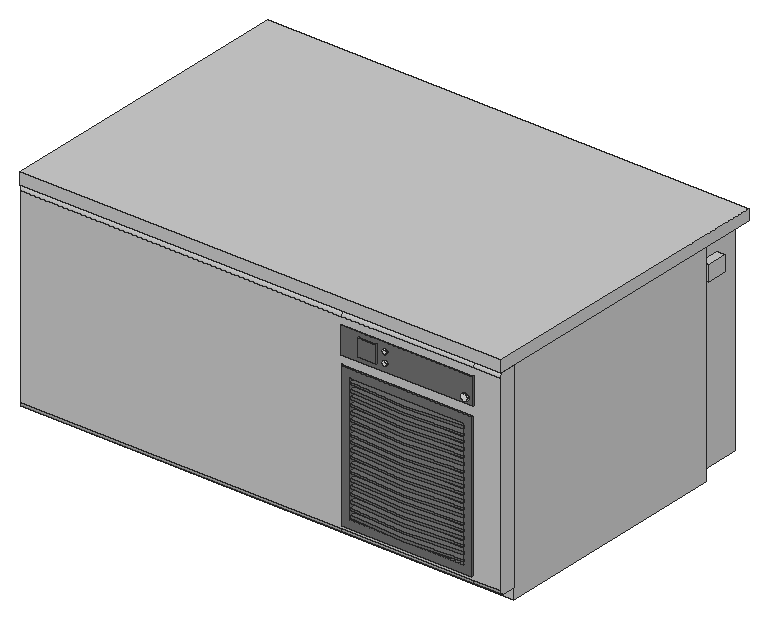
Revit family "QF_HOSHIZAKI_IM-240XWNE", category Specialty Equipment, Revit 2016
Family settings
  Part Type = Normal
  Round Connector Dimension = Use Diameter
  OmniClass Number = 23.40.40.14
  OmniClass Title = Food Service Equipment
  Work Plane-Based = No
  Always vertical = Yes
  Cut with Voids When Loaded = No
  Shared = No
  Room Calculation Point = No
Parameters (values of type "IM-240XWNE_230V/1Ph/50Hz")
  Weight = 88.00 kg
  Waste Remarks [instance] = ""
  Volts = 230 V
  URL Cutsheet = ""
  URL = "www.hoshizaki-europe.com"
  Status [instance] = ""
  Specification by User [instance] = ""
  Specification by Manufacturer [instance] = ""
  Serial Number = ""
  Seismic Rating = ""
  SMACNA No = ""
  Revision Code [instance] = ""
  Phase = 1
  Number of Poles = 2
  NAFEM Spec ID Number = ""
  Model = "IM-240XWNE"
  Min Ckt Ampacity = 0 A
  Max Overcurrent Protection = 0 A
  Masterspec = ""
  Manufacturer = "HOSHIZAKI"
  Length Actual = 1084 mm
  Item Number [instance] = ""
  Installed By [instance] = ""
  Indirect Waste Size = 19.05 mm
  Indirect Waste Connection Type [instance] = ""
  Indirect Waste Connection Height [instance] = 53 mm
  Identify Quantity as Lot [instance] = no
  Height Actual = 500 mm
  HP power = ""
  Furnished By [instance] = ""
  Foodservice Equipment Identifier [instance] = yes
  FL Amps = 20 A
  Electric power = 1330 W
  Electric Connection Type [instance] = ""
  Elec Conn RI Height [instance] = 0 mm
  Elec Conn Connection Height [instance] = 409 mm
  Direct Waste RI Height [instance] = 0 mm
  Description = "MODULAR IM ICE MAKER, 240KG PER 24 HOURS, LARGE CUBE, MODULAR - EXTENSION, WATER COOLED"
  Depth Actual = 700 mm
  Cycle = 50 Hz
  Cost = 0
  Conn Plug = ""
  Conn Conduit = no
  Cold Water Temperature Recommended = 0 °C
  Cold Water Size = 19.05 mm
  Cold Water Flow = 0.0 L/s
  Cold Water Connection Height [instance] = 419 mm
  CSI MasterFormat = ""
  Assembly Code = "E1090320"
  Apparent Power = 1330 VA
  Accessory = no
Types (2, lengths in mm): name | Volts | Cycle
  IM-240XWNE_230V/1Ph/50Hz | 230 V | 50 Hz
  IM-240XWNE_240V/1Ph/60Hz | 240 V | 60 Hz
Reference planes
  plane 1 "Center (Front/Back)": y = 0
  plane 2: z = 0
  plane 3 "Center (Left/Right)": x = 0
Forms (mm)
  Extrusion 1, solid, not visible
    sketch origin (-16, -65, 418) x (1, 0, 0) y (0, 1, 0)
      loop
        line (0, 0) -> (2, 0) -> (2, 2) -> (0, 2) -> (0, 0)
    from 0 to 2
  Extrusion 2, solid, not visible
    sketch origin (-16, -213, 52) x (1, 0, 0) y (0, 1, 0)
      loop
        line (0, 0) -> (2, 0) -> (2, 2) -> (0, 2) -> (0, 0)
    from 0 to 2
  Extrusion 3, solid, not visible
    sketch origin (1073, -77, 408) x (1, 0, 0) y (0, 1, 0)
      loop
        line (0, 0) -> (2, 0) -> (2, 2) -> (0, 2) -> (0, 0)
    from 0 to 2
  Extrusion 4, solid, not visible
    sketch origin (-16, -65, 418) x (1, 0, 0) y (0, 1, 0)
      loop
        line (0, 0) -> (2, 0) -> (2, 2) -> (0, 2) -> (0, 0)
    from 0 to 2
  Extrusion 5, solid, not visible
    sketch origin (-16, -213, 52) x (1, 0, 0) y (0, 1, 0)
      loop
        line (0, 0) -> (2, 0) -> (2, 2) -> (0, 2) -> (0, 0)
    from 0 to 2
  Extrusion 6, solid, not visible
    sketch origin (1073, -77, 408) x (1, 0, 0) y (0, 1, 0)
      loop
        line (0, 0) -> (2, 0) -> (2, 2) -> (0, 2) -> (0, 0)
    from 0 to 2
Dimensions and locks
  aligned and locked: level to plane 2
Nested families
  nested 1: "QF_HOSHIZAKI_IM-240XWNE_230V_1Ph_50Hz" at (0, 0, 0), type "IM-240XWNE_230V/1Ph/50Hz"
    with Show Clearance yes
Connectors
  piping at (-15, -63, 419), diameter 19.05, driven by "Cold Water Size", driven by "Cold Water Flow"
    settings: on Extrusion 1, index 1, connector inside diameter 609.6 mm, connector length 0 mm, flow factor 0, pipe flow 0.0 L/s, pressure drop 0.0 Pa, fitting loss kfactor 0, connector angle 0.00°, fixture units 0, engagement length 0 mm, angle of deflection 0.00°, flow configuration 1, flow direction 1, fitting loss method 0, system type 20, joint type 0, gender type 0, connector reference index -1, connector utility 0, adjustable connector no, is connector primary yes, connector description "Cold Water connection for 'IM-240XWNE'"
  piping at (-15, -211, 53), diameter 19.05, driven by "Indirect Waste Size"
    settings: on Extrusion 2, index 2, connector inside diameter 609.6 mm, connector length 0 mm, flow factor 0, pipe flow 0.0 L/s, pressure drop 0.0 Pa, fitting loss kfactor 0, connector angle 0.00°, fixture units 0, engagement length 0 mm, angle of deflection 0.00°, flow configuration 1, flow direction 2, fitting loss method 0, system type 16, joint type 0, gender type 0, connector reference index -1, connector utility 0, adjustable connector no, is connector primary no, connector description "Drain connection for 'IM-240XWNE'"
  electrical at (1074, -75, 409), driven by "Apparent Power", driven by "Number of Poles", driven by "Volts"
    settings: on Extrusion 3, index 3, voltage 230 V, apparent load 0 VA, apparent load phase1 1330 VA, apparent load phase2 0 VA, apparent load phase3 0 VA, power factor 1, load classification "Other", number of poles 2, system type 31, power factor state 1, is connector primary yes, connector utility no, sub classification motor no, connector description "Electric connection for 'IM-240XWNE'"
  piping at (-15, -63, 419), diameter 19.05, driven by "Cold Water Size", driven by "Cold Water Flow"
    settings: on Extrusion 4, index 4, connector inside diameter 609.6 mm, connector length 0 mm, flow factor 0, pipe flow 0.0 L/s, pressure drop 0.0 Pa, fitting loss kfactor 0, connector angle 0.00°, fixture units 0, engagement length 0 mm, angle of deflection 0.00°, flow configuration 1, flow direction 1, fitting loss method 0, system type 20, joint type 0, gender type 0, connector reference index -1, connector utility 0, adjustable connector no, is connector primary no, connector description "Cold Water connection for 'IM-240XWNE'"
  piping at (-15, -211, 53), diameter 19.05, driven by "Indirect Waste Size"
    settings: on Extrusion 5, index 5, connector inside diameter 609.6 mm, connector length 0 mm, flow factor 0, pipe flow 0.0 L/s, pressure drop 0.0 Pa, fitting loss kfactor 0, connector angle 0.00°, fixture units 0, engagement length 0 mm, angle of deflection 0.00°, flow configuration 1, flow direction 2, fitting loss method 0, system type 16, joint type 0, gender type 0, connector reference index -1, connector utility 0, adjustable connector no, is connector primary no, connector description "Drain connection for 'IM-240XWNE'"
  electrical at (1074, -75, 409), driven by "Apparent Power", driven by "Number of Poles", driven by "Volts"
    settings: on Extrusion 6, index 6, voltage 230 V, apparent load 0 VA, apparent load phase1 1330 VA, apparent load phase2 0 VA, apparent load phase3 0 VA, power factor 1, load classification "Other", number of poles 2, system type 31, power factor state 1, is connector primary no, connector utility no, sub classification motor no, connector description "Electric connection for 'IM-240XWNE'"
Definition of nested family "QF_HOSHIZAKI_IM-240XWNE_230V_1Ph_50Hz"
  Parameters (values of type "IM-240XWNE_230V/1Ph/50Hz")
    Width = 1084 mm
    URL = "www.hoshizaki-europe.com"
    Show Clearance [instance] = yes
    Model = "IM-240XWNE"
    Manufacturer = "HOSHIZAKI"
    Height = 500 mm
    Description = "MODULAR IM ICE MAKER, 240KG PER 24 HOURS, LARGE CUBE, MODULAR - EXTENSION, WATER COOLED"
    Depth = 700 mm
    Assembly Code = "E1090320"
  Types (31, lengths in mm): name | Width | Model | Height | Description | Depth
    IM-240DNE-HC | 1084 | "IM-240DNE-HC" | 500 | "EMERALD CLASS IM HYDROCARBON ICE MAKER, 210KG PER 24 HOURS, LARGE CUBE, MODULAR - HORIZONTAL" | 700
    IM-240XNE-HC | 1084 | "IM-240XNE-HC" | 500 | "EMERALD CLASS IM HYDROCARBON ICE MAKER, 210KG PER 24 HOURS, LARGE CUBE, MODULAR - EXTENSION" | 700
    IM-240DNE | 1084 | "IM-240DNE" | 500 | "MODULAR IM ICE MAKER, 240KG PER 24 HOURS, LARGE CUBE, MODULAR - HORIZONTAL" | 700
    IM-240DNE-21 | 1084 | "IM-240DNE-21" | 500 | "MODULAR IM ICE MAKER, 240KG PER 24 HOURS, EXTRA SMALL CUBE, MODULAR - HORIZONTAL" | 700
    IM-240DNE-23 | 1084 | "IM-240DNE-23" | 500 | "MODULAR IM ICE MAKER, 240KG PER 24 HOURS, MEDIUM CUBE, MODULAR - HORIZONTAL" | 700
    IM-240DNE-32 | 1084 | "IM-240DNE-32" | 500 | "MODULAR IM ICE MAKER, 240KG PER 24 HOURS, EXTRA LARGE CUBE, MODULAR - HORIZONTAL" | 700
    IM-240DSNE | 1084 | "IM-240DSNE" | 500 | "MODULAR IM ICE MAKER, 240KG PER 24 HOURS, LARGE CUBE, REMOTE CONDENSER" | 700
    IM-240DSNE-23 | 1084 | "IM-240DSNE-23" | 500 | "MODULAR IM ICE MAKER, 240KG PER 24 HOURS, MEDIUM CUBE, REMOTE CONDENSER" | 700
    IM-240DWNE | 1084 | "IM-240DWNE" | 500 | "MODULAR IM ICE MAKER, 240KG PER 24 HOURS, LARGE CUBE, MODULAR - HORIZONTAL, WATER COOLED" | 700
    IM-240DWNE-21 | 1084 | "IM-240DWNE-21" | 500 | "MODULAR IM ICE MAKER, 240KG PER 24 HOURS, EXTRA SMALL CUBE, MODULAR - HORIZONTAL, WATER COOLED" | 700
    IM-240DWNE-23 | 1084 | "IM-240DWNE-23" | 500 | "MODULAR IM ICE MAKER, 240KG PER 24 HOURS, MEDIUM CUBE, MODULAR - HORIZONTAL, WATER COOLED" | 700
    IM-240DWNE-32 | 1084 | "IM-240DWNE-32" | 500 | "MODULAR IM ICE MAKER, 240KG PER 24 HOURS, EXTRA LARGE CUBE, MODULAR - HORIZONTAL, WATER COOLED" | 700
    IM-240XNE | 1084 | "IM-240XNE" | 500 | "MODULAR IM ICE MAKER, 240KG PER 24 HOURS, LARGE CUBE, MODULAR - EXTENSION" | 700
    IM-240XNE-21 | 1084 | "IM-240XNE-21" | 500 | "MODULAR IM ICE MAKER, 240KG PER 24 HOURS, EXTRA SMALL CUBE, MODULAR - EXTENSION" | 700
    IM-240XNE-23 | 1084 | "IM-240XNE-23" | 500 | "MODULAR IM ICE MAKER, 240KG PER 24 HOURS, MEDIUM CUBE, MODULAR - EXTENSION" | 700
    IM-240XNE-32 | 1084 | "IM-240XNE-32" | 500 | "MODULAR IM ICE MAKER, 240KG PER 24 HOURS, EXTRA LARGE CUBE, MODULAR - EXTENSION" | 700
    IM-240XSNE | 1084 | "IM-240XSNE" | 500 | "MODULAR IM ICE MAKER, 240KG PER 24 HOURS, LARGE CUBE, MODULAR - EXTENSION, REMOTE CONDENSER" | 700
    IM-240XSNE-23 | 1084 | "IM-240XSNE-23" | 500 | "MODULAR IM ICE MAKER, 240KG PER 24 HOURS, MEDIUM CUBE, MODULAR - EXTENSION, REMOTE CONDENSER" | 700
    IM-240XWNE_230V/1Ph/50Hz | 1084 | "IM-240XWNE" | 500 | "MODULAR IM ICE MAKER, 240KG PER 24 HOURS, LARGE CUBE, MODULAR - EXTENSION, WATER COOLED" | 700
    IM-240XWNE-21 | 1084 | "IM-240XWNE-21" | 500 | "MODULAR IM ICE MAKER, 240KG PER 24 HOURS, EXTRA SMALL CUBE, MODULAR - EXTENSION, WATER COOLED" | 700
    IM-240XWNE-23 | 1084 | "IM-240XWNE-23" | 500 | "MODULAR IM ICE MAKER, 240KG PER 24 HOURS, MEDIUM CUBE, MODULAR - EXTENSION, WATER COOLED" | 700
    IM-240XWNE-32 | 1084 | "IM-240XWNE-32" | 500 | "MODULAR IM ICE MAKER, 240KG PER 24 HOURS, EXTRA LARGE CUBE, MODULAR - EXTENSION, WATER COOLED" | 700
    IM-240DNE-C | 1084 | "IM-240DNE-C" | 500 | "IM CYLINDER ICE MAKER, 240KG PER 24 HOURS, CYLINDER ICE, MODULAR - HORIZONTAL" | 700
    IM-240DWNE-C | 1084 | "IM-240DWNE-C" | 500 | "IM CYLINDER ICE MAKER, 240KG PER 24 HOURS, CYLINDER ICE, MODULAR - HORIZONTAL, WATER COOLED" | 700
    IM-240XNE-C | 1084 | "IM-240XNE-C" | 500 | "IM CYLINDER ICE MAKER, 240KG PER 24 HOURS, CYLINDER ICE, MODULAR - EXTENSION" | 700
    IM-240XWNE-C | 1084 | "IM-240XWNE-C" | 500 | "IM CYLINDER ICE MAKER, 240KG PER 24 HOURS, CYLINDER ICE, MODULAR - EXTENSION, WATER COOLED" | 700
    IM-240DNE-HC-23 | 1084 | "IM-240DNE-HC-23" | 500 | "EMERALD CLASS IM HYDROCARBON ICE MAKER, 180KG PER 24 HOURS, MEDIUM CUBE, MODULAR - EXTENSION" | 700
    IM-240DNE-HC-32 | 1084 | "IM-240DNE-HC-32" | 500 | "EMERALD CLASS IM HYDROCARBON ICE MAKER, 190KG PER 24 HOURS, EXTRA LARGE CUBE, MODULAR - EXTENSION" | 700
    IM-240XNE-HC-23 | 1082 | "IM-240XNE-HC-23" | 485 | "EMERALD CLASS IM HYDROCARBON ICE MAKER, 180KG PER 24 HOURS, MEDIUM CUBE, MODULAR - EXTENSION" | 697
    IM-240XNE-HC-32 | 1082 | "IM-240XNE-HC-32" | 485 | "EMERALD CLASS IM HYDROCARBON ICE MAKER, 190KG PER 24 HOURS, EXTRA LARGE CUBE, MODULAR - EXTENSION" | 697
    IM-240DNE-HC-21 | 1084 | "IM-240DNE-HC-21" | 500 | "EMERALD CLASS IM HYDROCARBON ICE MAKER, 205KG PER 24 HOURS, EXTRA SMALL CUBE, MODULAR - EXTENSION" | 700
  Reference planes
    plane 1 "Back": y = 0
    plane 2: z = 0
    plane 3 "Left": x = 0
    plane 4 "Right": x = 1084
    plane 5 "Front": y = -700
    plane 6 "Top": z = 500
    plane 7: y = -702
    plane 8: z = 488
  Forms (mm)
    Extrusion 1, solid
      sketch origin (166.25, -249, 193) x (0, 1, 0) y (0, 0, 1)
        loop
          line (-414, -170) -> (-414, 280) -> (-441, 280)
          arc (-441, 280) -> (-448.071, 277.071) -> (-451, 270) r 10
          line (-451, 270) -> (-451, -160)
          arc (-451, -160) -> (-448.071, -167.071) -> (-441, -170) r 10
          line (-441, -170) -> (-414, -170)
      from 559.75 to -166.25
    Extrusion 2, solid
      sketch origin (-20, -211, 53) x (0, 1, 0) y (0, 0, 1)
        loop
          circle (0, 0) r 14
        loop
          circle (0, 0) r 12
      from 0 to 20
    Extrusion 3, solid
      sketch origin (-16, -63, 419) x (0, 1, 0) y (0, 0, 1)
        loop
          circle (0, 0) r 14
        loop
          circle (0, 0) r 12
      from 0 to 16
    Extrusion 4, solid
      sketch origin (1024, -249, 193) x (0, 1, 0) y (0, 0, 1)
        loop
          line (-414, -170) -> (-414, 280) -> (-441, 280)
          arc (-441, 280) -> (-448.071, 277.071) -> (-451, 270) r 10
          line (-451, 270) -> (-451, -160)
          arc (-451, -160) -> (-448.071, -167.071) -> (-441, -170) r 10
          line (-441, -170) -> (-414, -170)
      from 0 to 60
    Extrusion 5, solid
      sketch origin (726, -249, 193) x (0, 1, 0) y (0, 0, 1)
        loop
          line (-414, -170) -> (-414, -153) -> (-451, -153) -> (-451, -160)
          arc (-451, -160) -> (-448.071, -167.071) -> (-441, -170) r 10
          line (-441, -170) -> (-414, -170)
        loop
          line (-451, 270) -> (-451, 174) -> (-414, 174) -> (-414, 280) -> (-441, 280)
          arc (-441, 280) -> (-448.071, 277.071) -> (-451, 270) r 10
      from 0 to 298
    Extrusion 6, solid
      sketch origin (568.75, -852, 28) x (1, 0, 0) y (0, 0, 1)
        loop
          line (159.25, 337) -> (159.25, 14) -> (453.25, 14) -> (453.25, 337) -> (159.25, 337)
        loop
          line (177.25, 319) -> (177.25, 32) -> (435.25, 32) -> (435.25, 319) -> (177.25, 319)
      from -150 to -160
    Extrusion 7, solid
      sketch origin (568.75, -249, 170) x (1, 0, 0) y (0, 1, 0)
        loop
          line (177.25, -443) -> (177.25, -454.474)
          arc (177.25, -454.474) -> (306.295, -461.632) -> (435.25, -453) r 1057.927
          line (435.25, -453) -> (435.25, -443) -> (177.25, -443)
      from 0 to 5
    Extrusion 8, solid
      sketch origin (568.75, -249, 185) x (1, 0, 0) y (0, 1, 0)
        loop
          line (177.25, -443) -> (177.25, -454.474)
          arc (177.25, -454.474) -> (306.295, -461.632) -> (435.25, -453) r 1057.927
          line (435.25, -453) -> (435.25, -443) -> (177.25, -443)
      from 0 to 5
    Extrusion 9, solid
      sketch origin (568.75, -249, 200) x (1, 0, 0) y (0, 1, 0)
        loop
          line (177.25, -443) -> (177.25, -454.474)
          arc (177.25, -454.474) -> (306.295, -461.632) -> (435.25, -453) r 1057.927
          line (435.25, -453) -> (435.25, -443) -> (177.25, -443)
      from 0 to 5
    Extrusion 10, solid
      sketch origin (568.75, -249, 215) x (1, 0, 0) y (0, 1, 0)
        loop
          line (177.25, -443) -> (177.25, -454.474)
          arc (177.25, -454.474) -> (306.295, -461.632) -> (435.25, -453) r 1057.927
          line (435.25, -453) -> (435.25, -443) -> (177.25, -443)
      from 0 to 5
    Extrusion 11, solid
      sketch origin (568.75, -249, 230) x (1, 0, 0) y (0, 1, 0)
        loop
          line (177.25, -443) -> (177.25, -454.474)
          arc (177.25, -454.474) -> (306.295, -461.632) -> (435.25, -453) r 1057.927
          line (435.25, -453) -> (435.25, -443) -> (177.25, -443)
      from 0 to 5
    Extrusion 12, solid
      sketch origin (568.75, -249, 245) x (1, 0, 0) y (0, 1, 0)
        loop
          line (177.25, -443) -> (177.25, -454.474)
          arc (177.25, -454.474) -> (306.295, -461.632) -> (435.25, -453) r 1057.927
          line (435.25, -453) -> (435.25, -443) -> (177.25, -443)
      from 0 to 5
    Extrusion 13, solid
      sketch origin (568.75, -249, 260) x (1, 0, 0) y (0, 1, 0)
        loop
          line (177.25, -443) -> (177.25, -454.474)
          arc (177.25, -454.474) -> (306.295, -461.632) -> (435.25, -453) r 1057.927
          line (435.25, -453) -> (435.25, -443) -> (177.25, -443)
      from 0 to 5
    Extrusion 14, solid
      sketch origin (568.75, -249, 275) x (1, 0, 0) y (0, 1, 0)
        loop
          line (177.25, -443) -> (177.25, -454.474)
          arc (177.25, -454.474) -> (306.295, -461.632) -> (435.25, -453) r 1057.927
          line (435.25, -453) -> (435.25, -443) -> (177.25, -443)
      from 0 to 5
    Extrusion 15, solid
      sketch origin (568.75, -249, 290) x (1, 0, 0) y (0, 1, 0)
        loop
          line (177.25, -443) -> (177.25, -454.474)
          arc (177.25, -454.474) -> (306.295, -461.632) -> (435.25, -453) r 1057.927
          line (435.25, -453) -> (435.25, -443) -> (177.25, -443)
      from 0 to 5
    Extrusion 16, solid
      sketch origin (568.75, -249, 305) x (1, 0, 0) y (0, 1, 0)
        loop
          line (177.25, -443) -> (177.25, -454.474)
          arc (177.25, -454.474) -> (306.295, -461.632) -> (435.25, -453) r 1057.927
          line (435.25, -453) -> (435.25, -443) -> (177.25, -443)
      from 0 to 5
    Extrusion 17, solid
      sketch origin (568.75, -249, 320) x (1, 0, 0) y (0, 1, 0)
        loop
          line (177.25, -443) -> (177.25, -454.474)
          arc (177.25, -454.474) -> (306.295, -461.632) -> (435.25, -453) r 1057.927
          line (435.25, -453) -> (435.25, -443) -> (177.25, -443)
      from 0 to 5
    Extrusion 18, solid
      sketch origin (568.75, -249, 335) x (1, 0, 0) y (0, 1, 0)
        loop
          line (177.25, -443) -> (177.25, -454.474)
          arc (177.25, -454.474) -> (306.295, -461.632) -> (435.25, -453) r 1057.927
          line (435.25, -453) -> (435.25, -443) -> (177.25, -443)
      from 0 to 5
    Extrusion 19, solid
      sketch origin (568.75, -249, 110) x (1, 0, 0) y (0, 1, 0)
        loop
          line (177.25, -443) -> (177.25, -454.474)
          arc (177.25, -454.474) -> (306.295, -461.632) -> (435.25, -453) r 1057.927
          line (435.25, -453) -> (435.25, -443) -> (177.25, -443)
      from 0 to 5
    Extrusion 20, solid
      sketch origin (568.75, -249, 125) x (1, 0, 0) y (0, 1, 0)
        loop
          line (177.25, -443) -> (177.25, -454.474)
          arc (177.25, -454.474) -> (306.295, -461.632) -> (435.25, -453) r 1057.927
          line (435.25, -453) -> (435.25, -443) -> (177.25, -443)
      from 0 to 5
    Extrusion 21, solid
      sketch origin (568.75, -249, 140) x (1, 0, 0) y (0, 1, 0)
        loop
          line (177.25, -443) -> (177.25, -454.474)
          arc (177.25, -454.474) -> (306.295, -461.632) -> (435.25, -453) r 1057.927
          line (435.25, -453) -> (435.25, -443) -> (177.25, -443)
      from 0 to 5
    Extrusion 22, solid
      sketch origin (568.75, -249, 155) x (1, 0, 0) y (0, 1, 0)
        loop
          line (177.25, -443) -> (177.25, -454.474)
          arc (177.25, -454.474) -> (306.295, -461.632) -> (435.25, -453) r 1057.927
          line (435.25, -453) -> (435.25, -443) -> (177.25, -443)
      from 0 to 5
    Extrusion 23, solid
      sketch origin (568.75, -249, 65) x (1, 0, 0) y (0, 1, 0)
        loop
          line (177.25, -443) -> (177.25, -454.474)
          arc (177.25, -454.474) -> (306.295, -461.632) -> (435.25, -453) r 1057.927
          line (435.25, -453) -> (435.25, -443) -> (177.25, -443)
      from 0 to 5
    Extrusion 24, solid
      sketch origin (568.75, -249, 80) x (1, 0, 0) y (0, 1, 0)
        loop
          line (177.25, -443) -> (177.25, -454.474)
          arc (177.25, -454.474) -> (306.295, -461.632) -> (435.25, -453) r 1057.927
          line (435.25, -453) -> (435.25, -443) -> (177.25, -443)
      from 0 to 5
    Extrusion 25, solid
      sketch origin (568.75, -249, 95) x (1, 0, 0) y (0, 1, 0)
        loop
          line (177.25, -443) -> (177.25, -454.474)
          arc (177.25, -454.474) -> (306.295, -461.632) -> (435.25, -453) r 1057.927
          line (435.25, -453) -> (435.25, -443) -> (177.25, -443)
      from 0 to 5
    Extrusion 26, solid
      sketch origin (0, -700, -10) x (1, 0, 0) y (0, 0, 1)
        loop
          line (726, 397) -> (1024, 397) -> (1024, 457) -> (726, 457) -> (726, 397)
      from 0 to 2
    Extrusion 27, solid
      sketch origin (0, -702, 0) x (1, 0, 0) y (0, 0, 1)
        loop
          line (766.139, 436.277) -> (766.139, 396.277) -> (806.139, 396.277) -> (806.139, 436.277) -> (766.139, 436.277)
      from 0 to 2
    Extrusion 28, solid
      sketch origin (0, -702, 0) x (1, 0, 0) y (0, 0, 1)
        loop
          circle (825.63, 428.086) r 5
        loop
          circle (825.63, 404.468) r 5
      from 0 to 2
    Extrusion 29, solid
      sketch origin (0, -702, 0) x (1, 0, 0) y (0, 0, 1)
        loop
          circle (1006.481, 399.95) r 7.5
      from 3 to 0
    Extrusion 30, solid
      sketch origin (0, 0, 0) x (1, 0, 0) y (0, 1, 0)
        loop
          line (0, 0) -> (0, -663) -> (1084, -663) -> (1084, -120) -> (1054, -120) -> (1054, 0) -> (0, 0)
      from 0 to 475
    Extrusion 31, solid
      sketch origin (0, 0, 0) x (1, 0, 0) y (0, 1, 0)
        loop
          line (0, 0) -> (0, -700) -> (1084, -700) -> (1084, 0) -> (0, 0)
      from 500 to 475
    Extrusion 32, solid
      sketch origin (1254, 1.923, 57.766) x (0, 1, 0) y (0, 0, 1)
        loop
          line (-101.026, 368.734) -> (-101.026, 333.734) -> (-54.923, 333.734) -> (-54.923, 368.734) -> (-101.026, 368.734)
      from -180 to -200
  Cuts and joins
    joined: Extrusion 1, Extrusion 4, Extrusion 5
  Lines and regions (mm)
    symbolic lines
      curve 1: line (0, 0, 0) -> (1084, 0, 0)
      curve 2: line (0, -700, 0) -> (0, 0, 0)
      curve 3: line (1084, -700, 0) -> (0, -700, 0)
      curve 4: line (1084, 0, 0) -> (1084, -700, 0)
      curve 5: line (-16, -49, 0) -> (0, -49, 0)
      curve 6: line (-16, -49, 0) -> (-16, -77, 0)
      curve 7: line (-16, -77, 0) -> (0, -77, 0)
      curve 8: line (-20, -197, 0) -> (0, -197, 0)
      curve 9: line (-20, -197, 0) -> (-20, -225, 0)
      curve 10: line (-20, -225, 0) -> (0, -225, 0)
  Dimensions and locks
    plane 5 "Front" to Extrusion 30 = 700 mm
    locked: Extrusion 30 sketch curve to curve 4 at 30
    locked: Extrusion 30 to Extrusion 32 at 20
    "Width": plane 4 "Right" to plane 3 "Left"
    locked: Extrusion 28 to Extrusion 27 at 2
    locked: plane 5 "Front" to Extrusion 26 at 2
    Extrusion 29 to Extrusion 28 = 0 mm
    locked: plane 5 "Front" to Extrusion 6 at 8
    locked: plane 7 to plane 5 "Front" at 2
    "Depth": plane 5 "Front" to plane 1 "Back"
    locked: plane 5 "Front" to Extrusion 29 at 5
    locked: Extrusion 31 to plane 6 "Top" at 25
    cut or joined group of Extrusion 1, Extrusion 4, Extrusion 5 to plane 8 to plane 6 "Top" = 15 mm, 12 mm
    "Height": plane 6 "Top" to level
    aligned and locked: level to plane 2
    aligned and locked: Extrusion 31 to plane 4 "Right"
    aligned and locked: Extrusion 32 to Extrusion 30
    aligned and locked: Extrusion 4 to plane 4 "Right"
    aligned and locked: Extrusion 4 to Extrusion 5  (x2)
    aligned and locked: plane 4 "Right" to curve 4
    aligned and locked: Extrusion 31 to plane 5 "Front"
    aligned and locked: Extrusion 1 sketch curve to plane 5 "Front"
    aligned and locked: Extrusion 27 to Extrusion 26
    aligned and locked: plane 5 "Front" to Extrusion 26
    aligned and locked: Extrusion 28 to Extrusion 26
    aligned and locked: plane 7 to Extrusion 6
    aligned and locked: Extrusion 29 to Extrusion 26
    aligned and locked: plane 6 "Top" to Extrusion 31
    aligned and locked: Extrusion 30 to Extrusion 31
  Automatic sketch dimensions
    Extrusion 2 sketch curve to Extrusion 2 sketch curve = 0 mm  (x2)
    level to Extrusion 2 sketch curve = 53 mm
    plane 1 "Back" to Extrusion 2 sketch curve = 211 mm
    Extrusion 3 sketch curve to Extrusion 3 sketch curve = 0 mm  (x2)
    plane 1 "Back" to Extrusion 3 sketch curve = 63 mm
    Extrusion 3 sketch curve to plane 6 "Top" = 81 mm
    Extrusion 4 sketch curve to plane 5 "Front" = 0 mm
    Extrusion 4 sketch curve to Extrusion 4 sketch curve = 10 mm
    plane 5 "Front" to Extrusion 4 sketch curve = 10 mm
    Extrusion 4 sketch curve to Extrusion 4 sketch curve = 27 mm
    level to Extrusion 4 sketch curve = 23 mm
    Extrusion 4 sketch curve to plane 6 "Top" = 37 mm
    Extrusion 5 sketch curve to plane 5 "Front" = 0 mm  (x2)
    plane 5 "Front" to Extrusion 5 sketch curve = 10 mm  (x2)
    Extrusion 5 sketch curve to Extrusion 5 sketch curve = 27 mm  (x2)
    level to Extrusion 5 sketch curve = 23 mm
    Extrusion 5 sketch curve to Extrusion 5 sketch curve = 7 mm
    Extrusion 5 sketch curve to plane 6 "Top" = 133 mm
    Extrusion 5 sketch curve to plane 6 "Top" = 37 mm
    level to Extrusion 6 sketch curve = 42 mm
    plane 4 "Right" to Extrusion 6 sketch curve = 356 mm
    Extrusion 6 sketch curve to Extrusion 6 sketch curve = 18 mm  (x4)
    plane 4 "Right" to Extrusion 6 sketch curve = 80 mm
    Extrusion 6 sketch curve to plane 6 "Top" = 153 mm
    plane 5 "Front" to Extrusion 7 sketch curve = 8 mm
    plane 4 "Right" to Extrusion 7 sketch curve = 338 mm
    plane 4 "Right" to Extrusion 7 sketch curve = 215 mm
    plane 4 "Right" to Extrusion 7 sketch curve = 80 mm
    Extrusion 7 sketch curve to plane 5 "Front" = 2 mm
    Extrusion 7 sketch curve to Extrusion 7 sketch curve = 11.474 mm
    plane 5 "Front" to Extrusion 8 sketch curve = 8 mm
    plane 4 "Right" to Extrusion 8 sketch curve = 338 mm
    plane 4 "Right" to Extrusion 8 sketch curve = 215 mm
    plane 4 "Right" to Extrusion 8 sketch curve = 80 mm
    Extrusion 8 sketch curve to plane 5 "Front" = 2 mm
    Extrusion 8 sketch curve to Extrusion 8 sketch curve = 11.474 mm
    plane 5 "Front" to Extrusion 9 sketch curve = 8 mm
    plane 4 "Right" to Extrusion 9 sketch curve = 338 mm
    plane 4 "Right" to Extrusion 9 sketch curve = 215 mm
    plane 4 "Right" to Extrusion 9 sketch curve = 80 mm
    Extrusion 9 sketch curve to plane 5 "Front" = 2 mm
    Extrusion 9 sketch curve to Extrusion 9 sketch curve = 11.474 mm
    plane 5 "Front" to Extrusion 10 sketch curve = 8 mm
    plane 4 "Right" to Extrusion 10 sketch curve = 338 mm
    plane 4 "Right" to Extrusion 10 sketch curve = 215 mm
    plane 4 "Right" to Extrusion 10 sketch curve = 80 mm
    Extrusion 10 sketch curve to plane 5 "Front" = 2 mm
    Extrusion 10 sketch curve to Extrusion 10 sketch curve = 11.474 mm
    plane 5 "Front" to Extrusion 11 sketch curve = 8 mm
    plane 4 "Right" to Extrusion 11 sketch curve = 338 mm
    plane 4 "Right" to Extrusion 11 sketch curve = 215 mm
    plane 4 "Right" to Extrusion 11 sketch curve = 80 mm
    Extrusion 11 sketch curve to plane 5 "Front" = 2 mm
    Extrusion 11 sketch curve to Extrusion 11 sketch curve = 11.474 mm
    plane 5 "Front" to Extrusion 12 sketch curve = 8 mm
    plane 4 "Right" to Extrusion 12 sketch curve = 338 mm
    plane 4 "Right" to Extrusion 12 sketch curve = 215 mm
    plane 4 "Right" to Extrusion 12 sketch curve = 80 mm
    Extrusion 12 sketch curve to plane 5 "Front" = 2 mm
    Extrusion 12 sketch curve to Extrusion 12 sketch curve = 11.474 mm
    plane 5 "Front" to Extrusion 13 sketch curve = 8 mm
    plane 4 "Right" to Extrusion 13 sketch curve = 338 mm
    plane 4 "Right" to Extrusion 13 sketch curve = 215 mm
    plane 4 "Right" to Extrusion 13 sketch curve = 80 mm
    Extrusion 13 sketch curve to plane 5 "Front" = 2 mm
    Extrusion 13 sketch curve to Extrusion 13 sketch curve = 11.474 mm
    plane 5 "Front" to Extrusion 14 sketch curve = 8 mm
    plane 4 "Right" to Extrusion 14 sketch curve = 338 mm
    plane 4 "Right" to Extrusion 14 sketch curve = 215 mm
    plane 4 "Right" to Extrusion 14 sketch curve = 80 mm
    Extrusion 14 sketch curve to plane 5 "Front" = 2 mm
    Extrusion 14 sketch curve to Extrusion 14 sketch curve = 11.474 mm
    plane 5 "Front" to Extrusion 15 sketch curve = 8 mm
    plane 4 "Right" to Extrusion 15 sketch curve = 338 mm
    plane 4 "Right" to Extrusion 15 sketch curve = 215 mm
    plane 4 "Right" to Extrusion 15 sketch curve = 80 mm
    Extrusion 15 sketch curve to plane 5 "Front" = 2 mm
    Extrusion 15 sketch curve to Extrusion 15 sketch curve = 11.474 mm
    plane 5 "Front" to Extrusion 16 sketch curve = 8 mm
    plane 4 "Right" to Extrusion 16 sketch curve = 338 mm
    plane 4 "Right" to Extrusion 16 sketch curve = 215 mm
    plane 4 "Right" to Extrusion 16 sketch curve = 80 mm
    Extrusion 16 sketch curve to plane 5 "Front" = 2 mm
    Extrusion 16 sketch curve to Extrusion 16 sketch curve = 11.474 mm
    plane 5 "Front" to Extrusion 17 sketch curve = 8 mm
    plane 4 "Right" to Extrusion 17 sketch curve = 338 mm
    plane 4 "Right" to Extrusion 17 sketch curve = 215 mm
    plane 4 "Right" to Extrusion 17 sketch curve = 80 mm
    Extrusion 17 sketch curve to plane 5 "Front" = 2 mm
    Extrusion 17 sketch curve to Extrusion 17 sketch curve = 11.474 mm
    plane 5 "Front" to Extrusion 18 sketch curve = 8 mm
    plane 4 "Right" to Extrusion 18 sketch curve = 338 mm
    plane 4 "Right" to Extrusion 18 sketch curve = 215 mm
    plane 4 "Right" to Extrusion 18 sketch curve = 80 mm
    Extrusion 18 sketch curve to plane 5 "Front" = 2 mm
    Extrusion 18 sketch curve to Extrusion 18 sketch curve = 11.474 mm
    plane 5 "Front" to Extrusion 19 sketch curve = 8 mm
    plane 4 "Right" to Extrusion 19 sketch curve = 338 mm
    plane 4 "Right" to Extrusion 19 sketch curve = 215 mm
    plane 4 "Right" to Extrusion 19 sketch curve = 80 mm
    Extrusion 19 sketch curve to plane 5 "Front" = 2 mm
    Extrusion 19 sketch curve to Extrusion 19 sketch curve = 11.474 mm
    plane 5 "Front" to Extrusion 20 sketch curve = 8 mm
    plane 4 "Right" to Extrusion 20 sketch curve = 338 mm
    plane 4 "Right" to Extrusion 20 sketch curve = 215 mm
    plane 4 "Right" to Extrusion 20 sketch curve = 80 mm
    Extrusion 20 sketch curve to plane 5 "Front" = 2 mm
    Extrusion 20 sketch curve to Extrusion 20 sketch curve = 11.474 mm
    plane 5 "Front" to Extrusion 21 sketch curve = 8 mm
    plane 4 "Right" to Extrusion 21 sketch curve = 338 mm
    plane 4 "Right" to Extrusion 21 sketch curve = 215 mm
    plane 4 "Right" to Extrusion 21 sketch curve = 80 mm
    Extrusion 21 sketch curve to plane 5 "Front" = 2 mm
    Extrusion 21 sketch curve to Extrusion 21 sketch curve = 11.474 mm
    plane 5 "Front" to Extrusion 22 sketch curve = 8 mm
    plane 4 "Right" to Extrusion 22 sketch curve = 338 mm
    plane 4 "Right" to Extrusion 22 sketch curve = 215 mm
    plane 4 "Right" to Extrusion 22 sketch curve = 80 mm
    Extrusion 22 sketch curve to plane 5 "Front" = 2 mm
    Extrusion 22 sketch curve to Extrusion 22 sketch curve = 11.474 mm
    plane 5 "Front" to Extrusion 23 sketch curve = 8 mm
    plane 4 "Right" to Extrusion 23 sketch curve = 338 mm
    plane 4 "Right" to Extrusion 23 sketch curve = 215 mm
    plane 4 "Right" to Extrusion 23 sketch curve = 80 mm
    Extrusion 23 sketch curve to plane 5 "Front" = 2 mm
    Extrusion 23 sketch curve to Extrusion 23 sketch curve = 11.474 mm
    plane 5 "Front" to Extrusion 24 sketch curve = 8 mm
    plane 4 "Right" to Extrusion 24 sketch curve = 338 mm
    plane 4 "Right" to Extrusion 24 sketch curve = 215 mm
    plane 4 "Right" to Extrusion 24 sketch curve = 80 mm
    Extrusion 24 sketch curve to plane 5 "Front" = 2 mm
    Extrusion 24 sketch curve to Extrusion 24 sketch curve = 11.474 mm
    plane 5 "Front" to Extrusion 25 sketch curve = 8 mm
    plane 4 "Right" to Extrusion 25 sketch curve = 338 mm
    plane 4 "Right" to Extrusion 25 sketch curve = 215 mm
    plane 4 "Right" to Extrusion 25 sketch curve = 80 mm
    Extrusion 25 sketch curve to plane 5 "Front" = 2 mm
    Extrusion 25 sketch curve to Extrusion 25 sketch curve = 11.474 mm
    Extrusion 26 sketch curve to plane 6 "Top" = 53 mm
    plane 4 "Right" to Extrusion 26 sketch curve = 358 mm
    plane 4 "Right" to Extrusion 26 sketch curve = 60 mm
    Extrusion 26 sketch curve to Extrusion 26 sketch curve = 60 mm
    Extrusion 27 sketch curve to plane 6 "Top" = 103.723 mm
    plane 4 "Right" to Extrusion 27 sketch curve = 317.861 mm
    Extrusion 27 sketch curve to Extrusion 27 sketch curve = 40 mm  (x2)
    Extrusion 28 sketch curve to plane 6 "Top" = 95.532 mm
    plane 4 "Right" to Extrusion 28 sketch curve = 258.37 mm
    Extrusion 28 sketch curve to Extrusion 28 sketch curve = 0 mm
    Extrusion 28 sketch curve to Extrusion 28 sketch curve = 23.618 mm
    plane 4 "Right" to Extrusion 29 sketch curve = 77.519 mm
    Extrusion 29 sketch curve to plane 6 "Top" = 100.05 mm
    Extrusion 30 sketch curve to plane 3 "Left" = 0 mm
    Extrusion 30 sketch curve to plane 4 "Right" = 0 mm
    plane 1 "Back" to Extrusion 30 sketch curve = 0 mm
    plane 1 "Back" to Extrusion 30 sketch curve = 120 mm
    plane 5 "Front" to Extrusion 30 sketch curve = 37 mm
    Extrusion 31 sketch curve to plane 3 "Left" = 0 mm
    Extrusion 31 sketch curve to plane 4 "Right" = 0 mm
    Extrusion 31 sketch curve to plane 5 "Front" = 0 mm
    plane 1 "Back" to Extrusion 31 sketch curve = 0 mm
    plane 1 "Back" to Extrusion 32 sketch curve = 99.103 mm
    Extrusion 32 sketch curve to Extrusion 32 sketch curve = 46.103 mm
    Extrusion 32 sketch curve to plane 6 "Top" = 108.5 mm
    Extrusion 32 sketch curve to Extrusion 32 sketch curve = 35 mm
    curve 5 to plane 3 "Left" = 0 mm
    curve 3 to plane 5 "Front" = 0 mm
    plane 1 "Back" to curve 2 = 0 mm
    curve 6 to plane 3 "Left" = 16 mm
    curve 8 to plane 3 "Left" = 20 mm
    plane 1 "Back" to curve 9 = 225 mm
    curve 9 to curve 9 = 28 mm
    plane 1 "Back" to curve 6 = 77 mm
    curve 6 to curve 5 = 28 mm
    plane 5 "Front" to Extrusion 1 sketch curve = 10 mm  (x2)
    Extrusion 1 sketch curve to Extrusion 1 sketch curve = 27 mm
    level to Extrusion 1 sketch curve = 23 mm
    Extrusion 1 sketch curve to plane 6 "Top" = 37 mm
    radius of Extrusion 2 sketch curve = 14 mm
    radius of Extrusion 2 sketch curve = 12 mm
    radius of Extrusion 3 sketch curve = 14 mm
    radius of Extrusion 3 sketch curve = 12 mm
    radius of Extrusion 28 sketch curve = 5 mm  (x2)
    radius of Extrusion 29 sketch curve = 7.5 mm
  Connectors
    piping at (-20, -211, 53), diameter 19.05
      settings: on Extrusion 2, index 1, connector inside diameter 609.6 mm, connector length 0 mm, flow factor 0, pipe flow 0.0 L/s, pressure drop 0.0 Pa, fitting loss kfactor 0, connector angle 0.00°, fixture units 0, engagement length 0 mm, angle of deflection 0.00°, flow configuration 1, flow direction 2, fitting loss method 0, system type 16, joint type 0, gender type 0, connector reference index -1, connector utility 0, adjustable connector no, is connector primary yes, connector description "Indirect Waste Connection"
    piping at (-16, -63, 419), diameter 19.05
      settings: on Extrusion 3, index 3, connector inside diameter 609.6 mm, connector length 0 mm, flow factor 0, pipe flow 0.0 L/s, pressure drop 0.0 Pa, fitting loss kfactor 0, connector angle 0.00°, fixture units 0, engagement length 0 mm, angle of deflection 0.00°, flow configuration 1, flow direction 1, fitting loss method 0, system type 20, joint type 0, gender type 0, connector reference index -1, connector utility 0, adjustable connector no, is connector primary no, connector description "Cold Water Connection"
    electrical at (1064, -53, 409)
      settings: on Extrusion 32, index 4, voltage 230 V, apparent load 0 VA, apparent load phase1 930 VA, apparent load phase2 0 VA, apparent load phase3 0 VA, power factor 1, load classification none, number of poles 1, system type 31, power factor state 1, is connector primary yes, connector utility no, sub classification motor no, connector description "Electrical Connection"
